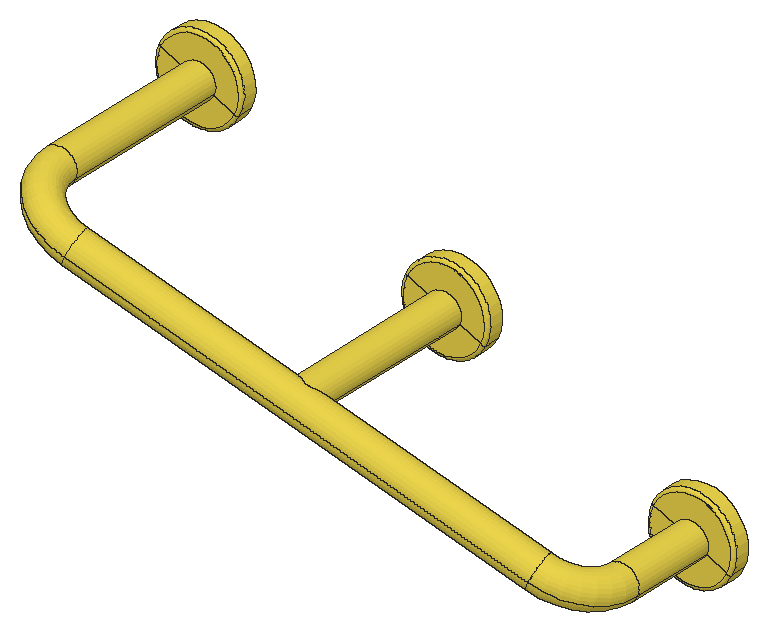
Revit family "Korpinen E-Rail_", category Casework, Revit 2012
Parameters (values of type "1676")
  URL = "www.korpinen.com"
  Rail Type = E-tukikaide : 1676
  Model = "1676 E-Rail"
  Manufacturer = "Korpinen Oy"
  Depth = 0 mm
  Height = 1000 mm
  Width = 0 mm
Types (4, lengths in mm): name | Rail Type | Model
  (no name) | E-tukikaide : 1676 | "1676 E-Rail"
  1679 | E-tukikaide : 1679 | "1679 E-Rail"
  1676 | E-tukikaide : 1676 | "1676 E-Rail"
  1675 | E-tukikaide : 1675 | "1675 E-Rail"
Reference planes
  plane 1 "Back": y = 0
  plane 2: z = 0
  plane 3 "Center (Left/Right)": x = 44.7
  plane 4 "Top": z = 1000
Dimensions and locks
  "Height": level to plane 4 "Top"
  aligned and locked: level to plane 2
  aligned and locked: plane 4 "Top" to nested 1
Nested families
  nested 1: "E-tukikaide" at (0, -239, 782.126), type <- "Rail Type", type "1676"
Definition of nested family "E-tukikaide"
  Parameters (values of type "E-tukikaide")
    Model = "E-tukikaide 1675"
    Manufacturer = "Väinö Korpinen Oy"
    Depth = 0 mm
    Height = 0 mm
    Width = 0 mm
    Color = none
  Reference planes
    plane 1: z = 0
    plane 2 "Center (Left/Right)": x = 44.7
    plane 3 "Front": y = -239
    plane 4 "Left": x = -180.3
    plane 5 "Right": x = 269.7
    plane 6 "Top": z = 217.874
  Forms (mm)
    Sweep 1, solid, material <- "Color"
      path origin (4.45, 0, 128.415) x (0.900069, 0, -0.435747) y (0, 1, 0)
        loop
          line (-205.3, -239) -> (-205.3, -64.927)
          arc (-205.3, -64.927) -> (-187.033, -26.288) -> (-145.581, -15.881) r 50
          line (-145.581, -15.881) -> (254.419, -95.142)
          arc (254.419, -95.142) -> (283.339, -112.454) -> (294.7, -144.188) r 50
          line (294.7, -144.188) -> (294.7, -239)
      profile origin (-180.334, -151.964, 217.874) x (-0.900069, 0, 0.435747) y (0.435747, 0, 0.900069)
        loop
          circle (0, 0) r 16
    Extrusion 2, solid, material <- "Color"
      sketch origin (4.45, 0, 128.415) x (0.900069, 0, -0.435747) y (0.435747, 0, 0.900069)
        loop
          circle (44.7, 0) r 15.5
      from 53.717 to 239
    Revolve 3, solid, material <- "Color"
      sketch origin (4.45, 0, 128.415) x (0.900069, 0, -0.435747) y (0, 1, 0)
        loop
          line (-205.3, -239) -> (-165.128, -239) -> (-165.128, -226.286)
          arc (-165.128, -226.286) -> (-166.008, -224.161) -> (-168.133, -223.281) r 3.004
          line (-168.133, -223.281) -> (-205.3, -223.281) -> (-205.3, -239)
        axis (-205.3, -239) -> (-205.3, -223.281)
      angle from 0 to 360
    Revolve 4, solid, material <- "Color"
      sketch origin (229.467, 0, 19.478) x (0.900069, 0, -0.435747) y (0, 1, 0)
        loop
          line (-205.3, -239) -> (-165.128, -239) -> (-165.128, -226.286)
          arc (-165.128, -226.286) -> (-166.008, -224.161) -> (-168.133, -223.281) r 3.004
          line (-168.133, -223.281) -> (-205.3, -223.281) -> (-205.3, -239)
        axis (-205.3, -239) -> (-205.3, -223.281)
      angle from 0 to 360
    Revolve 5, solid, material <- "Color"
      sketch origin (454.484, 0, -89.459) x (0.900069, 0, -0.435747) y (0, 1, 0)
        loop
          line (-205.3, -239) -> (-165.128, -239) -> (-165.128, -226.286)
          arc (-165.128, -226.286) -> (-166.008, -224.161) -> (-168.133, -223.281) r 3.004
          line (-168.133, -223.281) -> (-205.3, -223.281) -> (-205.3, -239)
        axis (-205.3, -239) -> (-205.3, -223.281)
      angle from 0 to 360
  Cuts and joins
    joined: Sweep 1, Extrusion 2, Revolve 3, Revolve 4, Revolve 5
  Lines and regions (mm)
    Masking region 1
      outline origin (0, 0, 0) x (1, 0, 0) y (0, 1, 0)
        loop
          line (-220.506, -239) -> (-140.163, -239) -> (-140.163, -226.045)
          arc (-140.163, -226.045) -> (-141.042, -223.923) -> (-143.163, -223.045) r 3
          line (-143.163, -223.045) -> (-164.233, -223.045) -> (-164.233, -62.644)
          arc (-164.233, -62.644) -> (-152.656, -38.484) -> (-126.573, -32.368) r 31
          line (-126.573, -32.368) -> (28.767, -66.536) -> (28.767, -223.045) -> (7.494, -223.045)
          arc (7.494, -223.045) -> (5.373, -223.923) -> (4.494, -226.045) r 3
          line (4.494, -226.045) -> (4.494, -239) -> (84.837, -239) -> (84.837, -226.045)
          arc (84.837, -226.045) -> (83.958, -223.923) -> (81.837, -223.045) r 3
          line (81.837, -223.045) -> (60.767, -223.045) -> (60.767, -73.575) -> (227.856, -110.328)
          arc (227.856, -110.328) -> (246.486, -121.88) -> (253.767, -142.557) r 33
          line (253.767, -142.557) -> (253.767, -223.045) -> (232.494, -223.045)
          arc (232.494, -223.045) -> (230.373, -223.923) -> (229.494, -226.045) r 3
          line (229.494, -226.045) -> (229.494, -239) -> (309.837, -239) -> (309.837, -226.045)
          arc (309.837, -226.045) -> (308.958, -223.923) -> (306.837, -223.045) r 3
          line (306.837, -223.045) -> (285.767, -223.045) -> (285.767, -142.557)
          arc (285.767, -142.557) -> (271.426, -101.83) -> (234.731, -79.075) r 65
          line (234.731, -79.075) -> (-119.699, -1.115)
          arc (-119.699, -1.115) -> (-172.707, -13.544) -> (-196.233, -62.644) r 63
          line (-196.233, -62.644) -> (-196.233, -223.045) -> (-217.506, -223.045)
          arc (-217.506, -223.045) -> (-219.627, -223.923) -> (-220.506, -226.045) r 3
          line (-220.506, -226.045) -> (-220.506, -239)
    symbolic lines
      curve 1: line (28.767, -66.536, 0) -> (60.767, -73.575, 0)
      curve 2: line (-196.334, -223.281, 0) -> (-164.233, -223.281, 0)
      curve 3: line (30.732, -223.281, 0) -> (60.183, -223.281, 0)
      curve 4: line (253.7, -223.281, 0) -> (285.7, -223.281, 0)
  Text (mm)
    text "sivulta" at (981.507, 0, -370.554), in view "Front"
    text "edestä" at (-229.001, 0, -364.465), in view "Front"
    text "1679 pun. / 1676 kelt. / 1675 harmaa" at (-230.097, 0, 1314.202), in view "Front"
    text "E - TUKIKAIDE" at (-229.214, 0, 1230.869), in view "Front"
  Dimensions and locks
    equal spacing: plane 5 "Right", plane 2 "Center (Left/Right)", plane 4 "Left"
    aligned and locked: level to plane 1
  Automatic sketch dimensions
    plane 3 "Front" to Sweep 1 sketch curve = 0 mm  (x2)
    Sweep 1 sketch curve to Sweep 1 sketch curve = 50 mm  (x2)
    Sweep 1 sketch curve to plane 3 "Front" = 94.812 mm
    Sweep 1 sketch curve to Sweep 1 sketch curve = 400 mm
    Sweep 1 sketch curve to Sweep 1 sketch curve = 9.719 mm
    Sweep 1 sketch curve to profile plane = 0 mm  (x2)
    Extrusion 2 sketch curve to plane 2 "Center (Left/Right)" = 0.017 mm
    plane 3 "Front" to Revolve 3 sketch curve = 0 mm
    plane 3 "Front" to Revolve 3 sketch curve = 5 mm
    Revolve 3 sketch curve to Revolve 3 sketch curve = 0 mm
    Revolve 3 sketch curve to plane 3 "Front" = 15.719 mm
    Revolve 3 sketch curve to Revolve 3 sketch curve = 37.167 mm
    Revolve 3 sketch curve to Revolve 3 sketch curve = 3.004 mm
    Revolve 3 sketch curve to Revolve 3 sketch curve = 4.281 mm
    plane 3 "Front" to Revolve 4 sketch curve = 0 mm
    plane 3 "Front" to Revolve 4 sketch curve = 5 mm
    Revolve 4 sketch curve to Revolve 4 sketch curve = 0 mm
    Revolve 4 sketch curve to plane 3 "Front" = 15.719 mm
    Revolve 4 sketch curve to Revolve 4 sketch curve = 37.167 mm
    Revolve 4 sketch curve to Revolve 4 sketch curve = 3.004 mm
    Revolve 4 sketch curve to Revolve 4 sketch curve = 4.281 mm
    plane 3 "Front" to Revolve 5 sketch curve = 0 mm
    plane 3 "Front" to Revolve 5 sketch curve = 5 mm
    Revolve 5 sketch curve to Revolve 5 sketch curve = 0 mm
    Revolve 5 sketch curve to plane 3 "Front" = 15.719 mm
    Revolve 5 sketch curve to Revolve 5 sketch curve = 37.167 mm
    Revolve 5 sketch curve to Revolve 5 sketch curve = 3.004 mm
    Revolve 5 sketch curve to Revolve 5 sketch curve = 4.281 mm
    Sweep 1 sketch curve to plane 3 "Front" = 174.073 mm
    Sweep 1 sketch curve to plane 3 "Front" = 223.119 mm
    Masking region 1 sketch curve to Masking region 1 sketch curve = 0 mm  (x4)
    plane 3 "Front" to Masking region 1 sketch curve = 0 mm  (x3)
    Masking region 1 sketch curve to plane 4 "Left" = 40.206 mm
    Masking region 1 sketch curve to Masking region 1 sketch curve = 3 mm  (x6)
    Masking region 1 sketch curve to plane 4 "Left" = 15.933 mm
    plane 4 "Left" to Masking region 1 sketch curve = 16.067 mm
    Masking region 1 sketch curve to Masking region 1 sketch curve = 21.07 mm  (x3)
    Masking region 1 sketch curve to Masking region 1 sketch curve = 31 mm
    Masking region 1 sketch curve to Masking region 1 sketch curve = 6.66 mm
    Masking region 1 sketch curve to Masking region 1 sketch curve = 6.874 mm  (x2)
    Masking region 1 sketch curve to plane 3 "Front" = 12.955 mm  (x4)
    Masking region 1 sketch curve to plane 2 "Center (Left/Right)" = 40.206 mm
    Masking region 1 sketch curve to plane 2 "Center (Left/Right)" = 15.933 mm
    plane 2 "Center (Left/Right)" to Masking region 1 sketch curve = 16.067 mm
    Masking region 1 sketch curve to plane 5 "Right" = 48.933 mm
    Masking region 1 sketch curve to Masking region 1 sketch curve = 7.089 mm
    Masking region 1 sketch curve to plane 5 "Right" = 40.206 mm
    Masking region 1 sketch curve to plane 5 "Right" = 15.933 mm
    plane 5 "Right" to Masking region 1 sketch curve = 16.067 mm
    Masking region 1 sketch curve to Masking region 1 sketch curve = 12.955 mm  (x2)
    Masking region 1 sketch curve to Masking region 1 sketch curve = 80.488 mm
    Masking region 1 sketch curve to Masking region 1 sketch curve = 156.508 mm
    Masking region 1 sketch curve to Masking region 1 sketch curve = 7.039 mm
    Masking region 1 sketch curve to Masking region 1 sketch curve = 160.401 mm
    curve 2 to plane 4 "Left" = 16.035 mm
    plane 4 "Left" to curve 2 = 16.067 mm
    curve 1 to plane 2 "Center (Left/Right)" = 15.933 mm
    curve 3 to plane 2 "Center (Left/Right)" = 13.968 mm
    plane 2 "Center (Left/Right)" to curve 3 = 15.483 mm
    plane 2 "Center (Left/Right)" to curve 1 = 16.067 mm
    curve 4 to plane 5 "Right" = 16 mm
    plane 5 "Right" to curve 4 = 16 mm
    curve 4 to plane 3 "Front" = 15.719 mm
    curve 2 to plane 3 "Front" = 15.719 mm
    curve 3 to plane 3 "Front" = 15.719 mm
    curve 3 to curve 1 = 149.706 mm
    curve 1 to curve 1 = 7.039 mm
    level to Extrusion 2 sketch curve = 108.937 mm
    radius of Sweep 1 sketch curve = 16 mm
    radius of Extrusion 2 sketch curve = 15.5 mm
